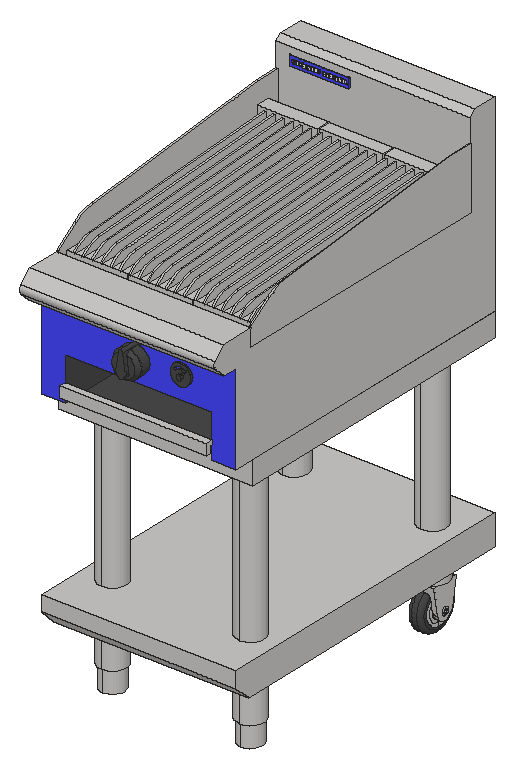
Revit family "QF_MOFFAT_BLUESEAL_CE_G593-LS", category Specialty Equipment, Revit 2012 (continued)
Definition of nested family "WALDORF LOGO_FACE BASE"
  Forms (mm)
    Extrusion 3, solid, material "QF_Finishes_White", visible <- "Show Logo"
      sketch origin (0, -33.217, 1.588) x (1, 0, 0) y (0, 1, 0)
        loop
          line (70.705, 25.919) -> (59.405, 25.919) -> (59.405, 17.163) -> (70.705, 17.163) -> (70.705, 19.063) -> (65.169, 19.063) -> (65.169, 20.437) -> (70.705, 20.437) -> (70.705, 22.278) -> (65.169, 22.278) -> (65.169, 23.587) -> (70.705, 23.587) -> (70.705, 25.919)
        loop
          line (57.598, 25.919) -> (51.7, 25.919) -> (51.7, 20.18)
          arc (51.7, 20.18) -> (50.63, 19.11) -> (49.56, 20.18) r 1.07
          line (49.56, 20.18) -> (49.56, 25.919) -> (43.663, 25.919) -> (43.663, 19.049)
          arc (43.663, 19.049) -> (44.215, 17.716) -> (45.548, 17.163) r 1.885
          line (45.548, 17.163) -> (55.71, 17.163)
          arc (55.71, 17.163) -> (57.045, 17.716) -> (57.598, 19.051) r 1.887
          line (57.598, 19.051) -> (57.598, 25.919)
        loop
          line (31.62, 25.919) -> (31.62, 17.163) -> (43.046, 17.163) -> (43.046, 19.129) -> (37.388, 19.129) -> (37.388, 25.919) -> (31.62, 25.919)
        loop
          line (15.969, 25.919) -> (15.969, 17.163) -> (28.693, 17.163)
          arc (28.693, 17.163) -> (29.812, 17.627) -> (30.276, 18.746) r 1.582
          line (30.276, 18.746) -> (30.276, 20.447) -> (29.48, 21.243) -> (30.276, 22.039) -> (30.276, 24.332)
          arc (30.276, 24.332) -> (29.811, 25.454) -> (28.688, 25.919) r 1.587
          line (28.688, 25.919) -> (15.969, 25.919)
        loop
          line (21.449, 24.159) -> (21.449, 22.436) -> (23.862, 22.436)
          arc (23.862, 22.436) -> (24.723, 23.298) -> (23.862, 24.159) r 0.861
          line (23.862, 24.159) -> (21.449, 24.159)
        loop
          line (21.449, 20.244) -> (21.449, 18.522) -> (23.862, 18.522)
          arc (23.862, 18.522) -> (24.723, 19.383) -> (23.862, 20.244) r 0.861
          line (23.862, 20.244) -> (21.449, 20.244)
      from 0 to 0.2
    Extrusion 4, solid, material "QF_Finishes_Blue", visible <- "Show Logo"
      sketch origin (-126.498, -31.09, 1.588) x (1, 0, 0) y (0, 1, 0)
        loop
          line (136.738, 23.522) -> (136.738, 15.1)
          arc (136.738, 15.1) -> (140.756, 19.311) -> (136.738, 23.522) r 4.216
      from 0 to 0.2
    Extrusion 5, solid, material "QF_Finishes_Red", visible <- "Show Logo"
      sketch origin (146.849, -31.09, 1.588) x (-1, 0, 0) y (0, -1, 0)
        loop
          arc (136.738, -23.522) -> (140.756, -19.311) -> (136.738, -15.1) r 4.216
          line (136.738, -15.1) -> (136.738, -23.522)
      from 0 to 0.2
  Lines and regions (mm)
    Split face 1
      outline origin (-90.35, -30.793, 1.588) x (1, 0, 0) y (0, 1, 0)
        loop
          circle (100.54, 19.013) r 4.536
  Dimensions and locks
    aligned and locked: plane 2 to Extrusion 1
    aligned and locked: level to Extrusion 1
